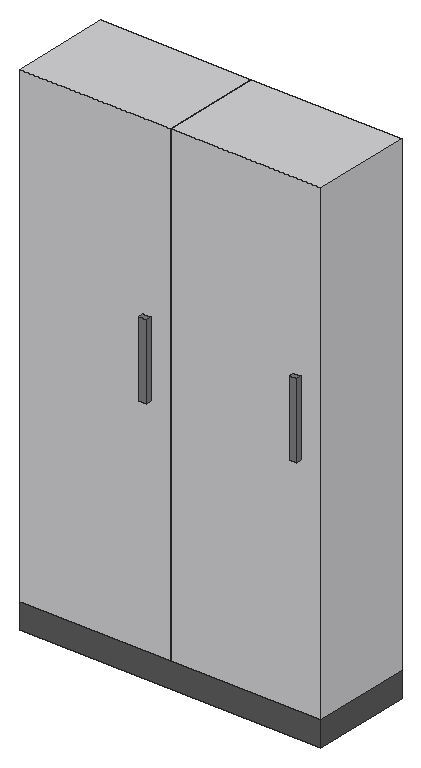
Revit family "EQ_DB Floor Standing", category Electrical Equipment, Revit 2025
Family settings
  Panel Configuration = Two Columns, Circuits Across
  Round Connector Dimension = Use Diameter
  Part Type = Panelboard
  OmniClass Number = 23.80.30.11.17
  OmniClass Title = Distribution Boards and Control Panels
  Work Plane-Based = No
  Always vertical = Yes
  Cut with Voids When Loaded = No
  Maintain Annotation Orientation = No
  Shared = No
  Room Calculation Point = No
Parameters (values of type "DB 250A 400/230V")
  Width = 1200 mm
  built-in parameter 1140142 [instance] = -1
  Rated Current = "250 A"
  built-in parameter 1140140 [instance] = 1 (stored number, unit not read)
  Height = 2000 mm
  built-in parameter 1155100 [instance] = -1
  EL Voltage [instance] = 400 V
  EL Number of Poles [instance] = 3
  Depth = 400 mm
  Default Elevation = 0 mm
Reference planes
  plane 1 "Center (Front/Back)": y = 0
  plane 2: z = 0
  plane 3 "Center (Left/Right)": x = 0
  plane 4 "Front": y = -200
  plane 5 "Back": y = 200
  plane 6 "Top": z = 2000
  plane 7 "Left": x = -600
  plane 8 "Div1": x = 0
  plane 9 "Right": x = 600
Forms (mm)
  Extrusion 1, solid, material "Plinth Black"
    sketch origin (0, 0, 0) x (1, 0, 0) y (0, 1, 0)
      loop
        line (-600, -200) -> (600, -200) -> (600, 200) -> (-600, 200) -> (-600, -200)
    from 0 to 100
  Extrusion 2, solid, material "DB Grey"
    sketch origin (0, 0, 100) x (1, 0, 0) y (0, 1, 0)
      loop
        line (-600, -200) -> (0, -200) -> (0, 200) -> (-600, 200) -> (-600, -200)
    from 0 to 1900
  Extrusion 3, solid, material "Handle Grey"
    sketch origin (0, 0, 1000) x (1, 0, 0) y (0, 1, 0)
      loop
        line (-110, -220) -> (-80, -220) -> (-80, -200) -> (-110, -200) -> (-110, -220)
    from 0 to 300
  Extrusion 4, solid, material "DB Grey"
    sketch origin (0, 0, 100) x (1, 0, 0) y (0, 1, 0)
      loop
        line (0, -200) -> (600, -200) -> (600, 200) -> (0, 200) -> (0, -200)
    from 0 to 1900
  Extrusion 5, solid, material "Handle Grey"
    sketch origin (0, 0, 1000) x (1, 0, 0) y (0, 1, 0)
      loop
        line (490, -220) -> (520, -220) -> (520, -200) -> (490, -200) -> (490, -220)
    from 0 to 300
Dimensions and locks
  equal spacing: plane 4 "Front", plane 1 "Center (Front/Back)", plane 5 "Back"
  "Depth": plane 4 "Front" to plane 5 "Back"
  "Height": level to plane 6 "Top"
  equal spacing: plane 7 "Left", plane 8 "Div1", plane 9 "Right"
  equal spacing: plane 7 "Left", plane 3 "Center (Left/Right)", plane 9 "Right"
  "Width": plane 7 "Left" to plane 9 "Right"
  aligned and locked: level to plane 2
  aligned and locked: Extrusion 1 to level
  aligned and locked: Extrusion 1 to plane 9 "Right"
  aligned and locked: plane 5 "Back" to Extrusion 1
  aligned and locked: plane 7 "Left" to Extrusion 1
  aligned and locked: Extrusion 1 to plane 4 "Front"
  aligned and locked: Extrusion 2 to plane 6 "Top"
  aligned and locked: Extrusion 2 to plane 8 "Div1"
  aligned and locked: plane 5 "Back" to Extrusion 2
  aligned and locked: plane 7 "Left" to Extrusion 2
  aligned and locked: Extrusion 2 to plane 4 "Front"
  aligned and locked: plane 4 "Front" to Extrusion 3
  aligned and locked: Extrusion 4 to plane 6 "Top"
  aligned and locked: Extrusion 4 to plane 9 "Right"
  aligned and locked: plane 5 "Back" to Extrusion 4
  aligned and locked: plane 8 "Div1" to Extrusion 4
  aligned and locked: Extrusion 4 to plane 4 "Front"
  aligned and locked: plane 4 "Front" to Extrusion 5
Automatic sketch dimensions
  Extrusion 1 sketch curve to plane 4 "Front" = 0 mm
  Extrusion 1 sketch curve to plane 7 "Left" = 0 mm
  Extrusion 1 sketch curve to plane 5 "Back" = 0 mm
  Extrusion 1 sketch curve to plane 9 "Right" = 0 mm
  Extrusion 2 sketch curve to plane 4 "Front" = 0 mm
  Extrusion 2 sketch curve to plane 7 "Left" = 0 mm
  Extrusion 2 sketch curve to plane 3 "Center (Left/Right)" = 0 mm
  Extrusion 2 sketch curve to plane 5 "Back" = 0 mm
  Extrusion 3 sketch curve to plane 4 "Front" = 0 mm
  Extrusion 3 sketch curve to plane 4 "Front" = 20 mm
  Extrusion 3 sketch curve to plane 3 "Center (Left/Right)" = 110 mm
  Extrusion 3 sketch curve to Extrusion 3 sketch curve = 30 mm
  Extrusion 4 sketch curve to plane 3 "Center (Left/Right)" = 0 mm
  Extrusion 4 sketch curve to plane 5 "Back" = 0 mm
  Extrusion 4 sketch curve to plane 9 "Right" = 0 mm
  Extrusion 4 sketch curve to plane 4 "Front" = 0 mm
  Extrusion 5 sketch curve to plane 4 "Front" = 0 mm
  Extrusion 5 sketch curve to plane 4 "Front" = 20 mm
  plane 9 "Right" to Extrusion 5 sketch curve = 110 mm
  Extrusion 5 sketch curve to Extrusion 5 sketch curve = 30 mm
Connectors
  electrical at (300, 0, 2000), driven by "EL Voltage", driven by "EL Number of Poles"
    settings: on Extrusion 4, index 1, voltage 400 V, apparent load 0 VA, apparent load phase1 0 VA, apparent load phase2 0 VA, apparent load phase3 0 VA, power factor 1, load classification "Other", number of poles 3, system type 30, power factor state 1, is connector primary yes, connector utility no, sub classification motor no, connector description ""
